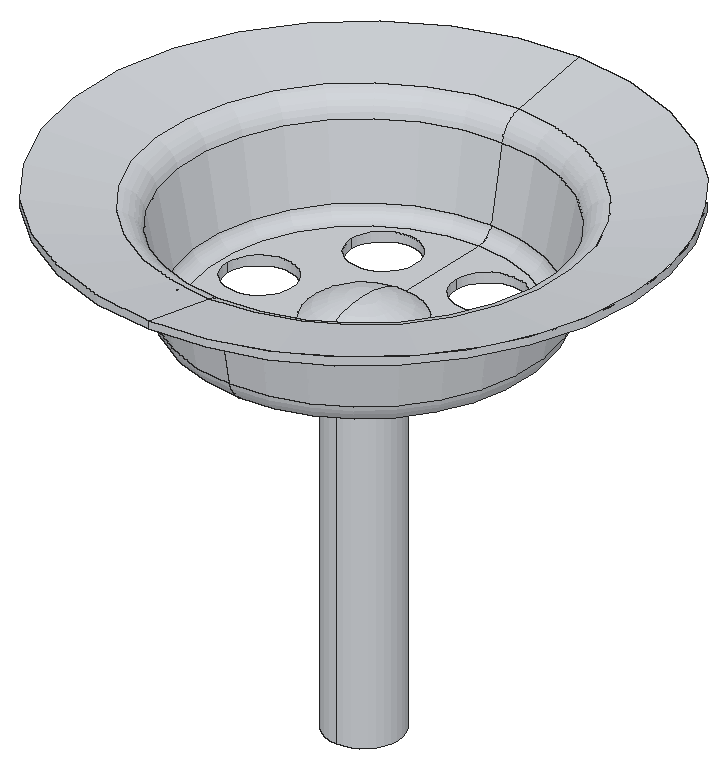
Revit family "WasteSet-ForBasins-Vitra-ArkitektaSeries-A45137", category Plumbing Fixtures, Revit 2017
Family settings
  Round Connector Dimension = Use Diameter
  Part Type = Normal
  OmniClass Number = 23.45.00.00
  OmniClass Title = Sanitary, Laundry, and Cleaning Equipment
  Work Plane-Based = Yes
  Always vertical = No
  Cut with Voids When Loaded = No
  Shared = Yes
  Room Calculation Point = No
Parameters (values of type "WasteSet-ForBasins-Vitra-ArkitektaSeries-A45137")
  Youtube = "https://www.youtube.com/user/VitrAglobal"
  Weight Net (kg) = ""
  Waste Connection = yes
  Warranty Period (Year) = "5"
  Vent Connection = no
  Uniformat II Description = "Plumbing Fixtures"
  Uniformat II Code = "D2010"
  Uniclass 2015 Name = "Wastewater and water mixer products"
  Uniclass 2015 Code = "Pr_60_45_90"
  Uniclass 2.0 Description = "Sanitary Dispensing And Disposal Units"
  Uniclass 2.0 Code = "PR-31-76"
  Uniclass 1.4 Description = "Sanitary disposal units"
  Uniclass 1.4 Code = "L7218"
  URL = "https://vitraglobal.com/"
  UNSPSC Description = "Sanitary ware"
  UNSPSC Code = ""
  Test Pressure = "16 bar"
  Technical description = "https://www.vitraglobal.com/pdf/A45137/"
  Tap hole Options (default) = ""
  Specification = ""
  Region South America = "All"
  Region Oceania = "All"
  Region North America = "All"
  Region Middle East = "All"
  Region Europe = "All"
  Region Asia = "All"
  Region Antarctica = "All"
  Region Africa = "All"
  Range of flow pressure = "1 - 5 bar"
  Range of Hot Water Supply = "5 - 65 °C"
  Product url = "https://www.vitraglobal.com/taps-mixers/complimentary-products/syphon-and-strainer/waste-sets-waste-set-sku-A45137/"
  Product manual = ""
  Product group = "Waste Set"
  Product family = "Waste Set"
  Product data url = ""
  Product certification = "https://www.vitraglobal.com/brochures/"
  Product Type = "Washbasin Siphon Set"
  Product SKU = "A45137"
  Product Properties = ""
  Product Guid = ""
  OmniClass Description = "Residential Waste Disposal Units"
  OmniClass Code = "23-21 23 27"
  Nominal Width (mm) = 70 mm
  Nominal Height (mm) = 70 mm
  Nominal Depth (mm) = 70 mm
  NBS Referans Description = "Sanitary Dispensing And Disposal Units"
  NBS Referans Code = "31-76"
  Mounting type = ""
  Model = "A45137"
  Min. flow pressure of = "0.5 bar"
  Masterformat 2014 Description = "Sanitary Waste and Vent Piping"
  Masterformat 2014 Code = "22 13 16"
  Manufacturer name = "Vitra"
  Manufacturer = "Vitra"
  Main Material = "Metal"
  Installation instructions = ""
  IFC Classification = "Sanitary Terminal"
  Hot Water temperature, factory set to = "38 °C"
  Hot Water Supply (max.) = "80 °C"
  Help = ""
  HW Connection = no
  GTIP code = ""
  Flow Rate(L/min. - 3 bar) = ""
  Features = ""
  EAN code = ""
  Design country = "Turkey"
  Description = "Waste Sets Waste Set"
  Default Elevation = 600 mm
  Color = "Chrome"
  Coating Material = Chrome (Metal)
  Calculated flow = ""
  CW Connection = no
  COBIe Type Category = ""
  Brand = "VitrA"
  BIMobject category = "Sanitary - Taps & Mixers"
  Article No. (default) = "A45137"
  Approvals = ""
  ApplicationType = ""
  Accessories (default) = ""
Reference planes
  plane 1 "Center (Front/Back)": y = 0
  plane 2: z = -500
  plane 3 "Center (Left/Right)": x = 0
  plane 4: y = 34.855
  plane 5: y = -35.145
  plane 6: x = 36.945
  plane 7: x = -33.055
  plane 8: z = 25
  plane 9: z = -45
Forms (mm)
  Revolve 1, solid, detail levels medium+fine
    sketch origin (0, 0, 0) x (0, 1, 0) y (0, 0, 1)
      loop
        line (0, -45) -> (4.014, -45) -> (4.014, -5.452) -> (6.514, -2.952) -> (16.453, -2.952)
        arc (16.453, -2.952) -> (18.49, -2.221) -> (19.596, -0.361) r 3.202
        line (19.596, -0.361) -> (21.066, 7.201)
        arc (21.066, 7.201) -> (21.739, 8.453) -> (23.003, 9.103) r 2.396
        line (23.003, 9.103) -> (31.506, 10.603) -> (31.506, 11.509) -> (22.65, 9.947)
        arc (22.65, 9.947) -> (21.043, 9.119) -> (20.187, 7.527) r 3.049
        line (20.187, 7.527) -> (18.636, -0.453)
        arc (18.636, -0.453) -> (18.029, -1.474) -> (16.91, -1.875) r 1.758
        line (16.91, -1.875) -> (6.1, -1.875)
        arc (6.1, -1.875) -> (3.254, -0.212) -> (0, 0.312) r 8.983
        line (0, 0.312) -> (0, -45)
      axis (0, 11.509) -> (0, -45)
    angle from 0 to 360
  Extrusion 2, void
    sketch origin (0, 0, 0) x (1, 0, 0) y (0, 1, 0)
      loop
        circle (6.127, 10.566) r 3.8
      loop
        circle (12.227, 0) r 3.8
      loop
        circle (6.113, -10.591) r 3.8
      loop
        circle (-6.127, 10.566) r 3.8
      loop
        circle (-12.227, 0) r 3.8
      loop
        circle (-6.113, -10.591) r 3.8
    from -7.177 to 2.903
  Extrusion 3, solid, detail levels coarse
    sketch origin (0, 0, 0) x (1, 0, 0) y (0, 1, 0)
      loop
        circle (0, 0) r 31.506
    from -45 to 11.509
Cuts and joins
  Extrusion 2 cuts Revolve 1
Dimensions and locks
  "Nominal Width (mm)": plane 7 to plane 6
  "Nominal Height (mm)": plane 8 to plane 9
  "Nominal Depth (mm)": plane 4 to plane 5
Automatic sketch dimensions
  Revolve 1 sketch curve to plane 1 "Center (Front/Back)" = 0 mm  (x2)
  plane 9 to Revolve 1 sketch curve = 0 mm
  Revolve 1 sketch curve to plane 1 "Center (Front/Back)" = 0.221 mm
  Revolve 1 sketch curve to Revolve 1 sketch curve = 4.014 mm
  Revolve 1 sketch curve to level = 1.875 mm
  Revolve 1 sketch curve to Revolve 1 sketch curve = 2.086 mm
  Revolve 1 sketch curve to level = 2.952 mm
  Revolve 1 sketch curve to Revolve 1 sketch curve = 0.414 mm
  level to Revolve 1 sketch curve = 0.249 mm
  Revolve 1 sketch curve to Revolve 1 sketch curve = 9.94 mm
  Revolve 1 sketch curve to Revolve 1 sketch curve = 0.457 mm
  Revolve 1 sketch curve to level = 0.453 mm
  Revolve 1 sketch curve to Revolve 1 sketch curve = 1.726 mm
  Revolve 1 sketch curve to level = 0.361 mm
  Revolve 1 sketch curve to Revolve 1 sketch curve = 0.591 mm
  Revolve 1 sketch curve to Revolve 1 sketch curve = 0.879 mm
  Revolve 1 sketch curve to Revolve 1 sketch curve = 1.584 mm
  Revolve 1 sketch curve to Revolve 1 sketch curve = 0.352 mm
  Revolve 1 sketch curve to Revolve 1 sketch curve = 2.113 mm
  Revolve 1 sketch curve to Revolve 1 sketch curve = 0.239 mm
  Revolve 1 sketch curve to plane 4 = 3.35 mm
  Revolve 1 sketch curve to Revolve 1 sketch curve = 5.715 mm
  Revolve 1 sketch curve to Revolve 1 sketch curve = 2.5 mm
  level to Revolve 1 sketch curve = 6.744 mm
  Revolve 1 sketch curve to Revolve 1 sketch curve = 0.201 mm
  Revolve 1 sketch curve to Revolve 1 sketch curve = 0.256 mm
  Revolve 1 sketch curve to Revolve 1 sketch curve = 0.326 mm
  Revolve 1 sketch curve to Revolve 1 sketch curve = 1.499 mm
  Revolve 1 sketch curve to Revolve 1 sketch curve = 0.906 mm
  Revolve 1 sketch curve to Revolve 1 sketch curve = 8.98 mm
  Revolve 1 sketch curve to Revolve 1 sketch curve = 2.897 mm
  plane 1 "Center (Front/Back)" to Extrusion 2 sketch curve = 0 mm  (x2)
  Extrusion 2 sketch curve to plane 3 "Center (Left/Right)" = 12.227 mm
  Extrusion 2 sketch curve to plane 3 "Center (Left/Right)" = 6.127 mm
  Extrusion 2 sketch curve to plane 3 "Center (Left/Right)" = 6.113 mm
  plane 3 "Center (Left/Right)" to Extrusion 2 sketch curve = 6.113 mm
  plane 3 "Center (Left/Right)" to Extrusion 2 sketch curve = 6.127 mm
  Extrusion 2 sketch curve to Extrusion 2 sketch curve = 6.101 mm
  plane 1 "Center (Front/Back)" to Extrusion 2 sketch curve = 10.591 mm  (x2)
  Extrusion 2 sketch curve to plane 1 "Center (Front/Back)" = 10.566 mm  (x2)
  plane 1 "Center (Front/Back)" to Extrusion 3 sketch curve = 0 mm
  Extrusion 3 sketch curve to plane 3 "Center (Left/Right)" = 0 mm
  radius of Extrusion 2 sketch curve = 3.8 mm  (x6)
  radius of Extrusion 3 sketch curve = 31.506 mm
